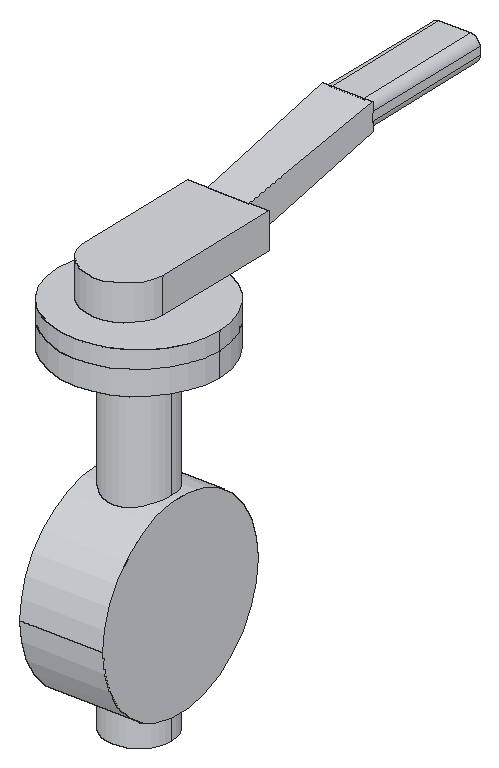
Revit family "HS497-67_disk-litina-s pákou DN065-RFA_2019", category Pipe Accessories, Revit 2019
Family settings
  Round Connector Dimension = Use Diameter
  Part Type = Valve - Breaks Into
  Work Plane-Based = No
  Always vertical = Yes
  Cut with Voids When Loaded = No
  Shared = No
Parameters (values of type "HS 497-67_DN065_PN16_s pákou")
  magiProductId = "ebeb4b59db0641caaf6d6635ab37b9"
  magiProductFamilyId = "53cea81e6f374d17b8841d9c72ad77"
  magiPartTypeId = 305
  isMeasuringValve [instance] = no
  ang2D [instance] = 0.00°
  X11 = 61.456 mm
  X1 = 25.456 mm
  W2D = 1000 mm
  VersionID = "2.0/2017.9.26.1/ZETKAMA_497_001"
  Use Minimum Symbol Size [instance] = yes
  URL = "http://www.hydronix.cz"
  Type Comments = "mezipřírubová; litinový disk; PN16; -10~+110°C (krátkodobě +120°C)"
  SW30 = no
  SW3 = no
  SW21 = no
  SW20 = yes
  SW2 = yes
  SW1 = no
  R = 32.5 mm
  QmdConnectorList = "301;D;302;D"
  Productdata [instance] = ""
  NC = 50 mm
  Model = ""
  Manufacturer = "Hydronix"  # constant formula
  MM20 = 25.456 mm
  MC Product Code = "120 065 (litinový disk, s pákou; DN65; PN16, kvs167)"
  M41 = 66 mm
  M4 = 44 mm
  LHL = 220 mm
  LHH3 = 2.45 mm
  LHH1 = 46.55 mm
  LH1 = 73.333 mm
  L4R__ve = -L4R  # -12.8 mm
  L4R = 12.8 mm
  L42__ve = -L42  # -96 mm
  L42 = 96 mm
  L41__ve = -L41  # -19.2 mm
  L41 = 19.2 mm
  L2D_Min = 3048 mm
  L2D = 216 mm
  L2 = 23 mm
  L1 = 36.8 mm
  L = 46 mm
  H = 30 mm
  G22 = 11.25 mm
  G2 = 22.5 mm
  G1 = 90 mm
  G = 90 mm
  F = 11 mm
  E44 = 31.25 mm
  E42 = 62.5 mm
  E4 = 125 mm
  E23 = 4.9 mm
  E22 = 19.6 mm
  E21 = 9.8 mm
  Description = "Mezipřírubová uzavírací klapka s pákou; litinový disk, DN65; PN16; kvs167"
  DR2 = 32.5 mm
  DR = 108 mm
  DD1 = 15.625 mm
  DD = 12.5 mm
  D = 65 mm
  CAT0 = yes
  B2__ve = -B2  # -36.5 mm
  B2 = 36.5 mm
  A2 = 13.5 mm
  A1 = 89 mm
Types (43, lengths in mm): name | magiProductId | X11 | X1 | Type Comments | SW30 | SW3 | SW20 | SW2 | SW1 | R | NC | MM20 | MC Product Code | M41 | M4 | LHL | LHH3 | LHH1 | LH1 | L4R__ve | L4R | L42__ve | L42 | L41__ve | L41 | L2 | L1 | L | H | G | F | E44 | E42 | E4 | E23 | E22 | E21 | Description | DR2 | DR | DD1 | DD | D | B2__ve | B2 | A2 | A1
  HS 497-67_DN100_PN16_volné vřeteno | "65d1b245f4f142c78569c0602d5754" | 61.456 | 25.456 | "mezipřírubová; litinový disk; PN16; -10~+110°C (krátkodobě +120°C)" | no | no | no | no | yes | 50 | 50 | 25.456 | "123 100 (litinový disk, s volným vřetenem; DN100; PN16, kvs512)" | 66 | 44 | 220 | 2.45 | 46.55 | 73.333 | -12.8 | 12.8 | -96 | 96 | -19.2 | 19.2 | 26 | 41.6 | 52 | 30 | 90 | 11 | 31.25 | 62.5 | 125 | 4.9 | 19.6 | 9.8 | "Mezipřírubová uzavírací klapka s volným vřetenem; litinový disk, DN100; PN16; kvs512" | 50 | 147 | 15.625 | 12.5 | 100 | -56 | 56 | 16.5 | 98.5
  HS 497-67_DN100_PN16_převodové kolo | "11e91b807e674d428c8e796fcdcfe2" | 61.456 | 25.456 | "mezipřírubová; litinový disk; PN16; -10~+110°C (krátkodobě +120°C)" | yes | yes | no | no | no | 50 | 50 | 25.456 | "125 100 (litinový disk, s převodovým kolem; DN100; PN16, kvs512)" | 65.25 | 43.5 | 220 | 2.45 | 46.55 | 73.333 | -12.8 | 12.8 | -96 | 96 | -19.2 | 19.2 | 26 | 41.6 | 52 | 30 | 90 | 11 | 31.25 | 62.5 | 125 | 4.9 | 19.6 | 9.8 | "Mezipřírubová uzavírací klapka s převodovým kolem; litinový disk, DN100; PN16; kvs512" | 50 | 147 | 15.625 | 12.5 | 100 | -56 | 56 | 16.5 | 98.5
  HS 497-67_DN100_PN16_s pákou | "28172f0b3f4b47b28323ac71cf8749" | 61.456 | 25.456 | "mezipřírubová; litinový disk; PN16; -10~+110°C (krátkodobě +120°C)" | no | no | yes | yes | no | 50 | 50 | 25.456 | "120 100 (litinový disk, s pákou; DN100; PN16, kvs512)" | 66 | 44 | 260 | 3 | 57 | 86.667 | -12.8 | 12.8 | -96 | 96 | -19.2 | 19.2 | 26 | 41.6 | 52 | 30 | 90 | 11 | 31.25 | 62.5 | 125 | 6 | 24 | 12 | "Mezipřírubová uzavírací klapka s pákou; litinový disk, DN100; PN16; kvs512" | 50 | 147 | 15.625 | 12.5 | 100 | -56 | 56 | 16.5 | 98.5
  HS 497-67_DN125_PN16_volné vřeteno | "0d813d910fc14f628bb3c2efbd185c" | 61.456 | 25.456 | "mezipřírubová; litinový disk; PN16; -10~+110°C (krátkodobě +120°C)" | no | no | no | no | yes | 62.5 | 50 | 25.456 | "123 125 (litinový disk, s volným vřetenem; DN125; PN16, kvs872)" | 66 | 44 | 220 | 2.45 | 46.55 | 73.333 | -12.8 | 12.8 | -96 | 96 | -19.2 | 19.2 | 28 | 44.8 | 56 | 33 | 90 | 14 | 31.25 | 62.5 | 125 | 4.9 | 19.6 | 9.8 | "Mezipřírubová uzavírací klapka s volným vřetenem; litinový disk, DN125; PN16; kvs872" | 62.5 | 180 | 15.625 | 12.5 | 125 | -64 | 64 | 18 | 99.5
  HS 497-67_DN125_PN16_převodové kolo | "c56b7c13f372467684996fb1e0e229" | 61.456 | 25.456 | "mezipřírubová; litinový disk; PN16; -10~+110°C (krátkodobě +120°C)" | yes | yes | no | no | no | 62.5 | 50 | 25.456 | "125 125 (litinový disk, s převodovým kolem; DN125; PN16, kvs872)" | 65.25 | 43.5 | 220 | 2.45 | 46.55 | 73.333 | -13.5 | 13.5 | -101.25 | 101.25 | -20.25 | 20.25 | 28 | 44.8 | 56 | 33 | 90 | 14 | 40 | 80 | 160 | 4.9 | 19.6 | 9.8 | "Mezipřírubová uzavírací klapka s převodovým kolem; litinový disk, DN125; PN16; kvs872" | 62.5 | 180 | 20 | 16 | 125 | -64 | 64 | 18 | 99.5
  HS 497-67_DN125_PN16_s pákou | "105993c79a91492399feef7931321a" | 61.456 | 25.456 | "mezipřírubová; litinový disk; PN16; -10~+110°C (krátkodobě +120°C)" | no | no | yes | yes | no | 62.5 | 50 | 25.456 | "120 125 (litinový disk, s pákou; DN125; PN16, kvs872)" | 66 | 44 | 315 | 3.75 | 71.25 | 105 | -12.8 | 12.8 | -96 | 96 | -19.2 | 19.2 | 28 | 44.8 | 56 | 33 | 90 | 14 | 31.25 | 62.5 | 125 | 7.5 | 30 | 15 | "Mezipřírubová uzavírací klapka s pákou; litinový disk, DN125; PN16; kvs872" | 62.5 | 180 | 15.625 | 12.5 | 125 | -64 | 64 | 18 | 99.5
  HS 497-67_DN150_PN16_volné vřeteno | "50c80cb8ab434f55ab7796e5ac1331" | 61.456 | 25.456 | "mezipřírubová; litinový disk; PN16; -10~+110°C (krátkodobě +120°C)" | no | no | no | no | yes | 75 | 50 | 25.456 | "123 150 (litinový disk, s volným vřetenem; DN150; PN16, kvs1347)" | 66 | 44 | 220 | 2.45 | 46.55 | 73.333 | -12.8 | 12.8 | -96 | 96 | -19.2 | 19.2 | 28 | 44.8 | 56 | 33 | 90 | 14 | 31.25 | 62.5 | 125 | 4.9 | 19.6 | 9.8 | "Mezipřírubová uzavírací klapka s volným vřetenem; litinový disk, DN150; PN16; kvs1347" | 75 | 206 | 15.625 | 12.5 | 150 | -58 | 58 | 19.3 | 98.7
  HS 497-67_DN150_PN16_převodové kolo | "d94a1a0cf83b476eb10011b327f709" | 61.456 | 25.456 | "mezipřírubová; litinový disk; PN16; -10~+110°C (krátkodobě +120°C)" | yes | yes | no | no | no | 75 | 50 | 25.456 | "125 150 (litinový disk, s převodovým kolem; DN150; PN16, kvs1347)" | 65.25 | 43.5 | 220 | 2.45 | 46.55 | 73.333 | -13.5 | 13.5 | -101.25 | 101.25 | -20.25 | 20.25 | 28 | 44.8 | 56 | 33 | 90 | 14 | 40 | 80 | 160 | 4.9 | 19.6 | 9.8 | "Mezipřírubová uzavírací klapka s převodovým kolem; litinový disk, DN150; PN16; kvs1347" | 75 | 206 | 20 | 16 | 150 | -58 | 58 | 19.3 | 98.7
  HS 497-67_DN150_PN16_s pákou | "4d2835523fe84828bc50ff0a5a0dfb" | 61.456 | 25.456 | "mezipřírubová; litinový disk; PN16; -10~+110°C (krátkodobě +120°C)" | no | no | yes | yes | no | 75 | 50 | 25.456 | "120 150 (litinový disk, s pákou; DN150; PN16, kvs1347)" | 66 | 44 | 315 | 3.75 | 71.25 | 105 | -12.8 | 12.8 | -96 | 96 | -19.2 | 19.2 | 28 | 44.8 | 56 | 33 | 90 | 14 | 31.25 | 62.5 | 125 | 7.5 | 30 | 15 | "Mezipřírubová uzavírací klapka s pákou; litinový disk, DN150; PN16; kvs1347" | 75 | 206 | 15.625 | 12.5 | 150 | -58 | 58 | 19.3 | 98.7
  HS 497-67_DN200_PN16_volné vřeteno | "5b29029eaeba47139ee1055a4b9201" | 61.456 | 25.456 | "mezipřírubová; litinový disk; PN16; -10~+110°C (krátkodobě +120°C)" | no | no | no | no | yes | 100 | 50 | 25.456 | "123 200 (litinový disk, s volným vřetenem; DN200; PN16, kvs2675)" | 66 | 44 | 220 | 2.45 | 46.55 | 73.333 | -12.8 | 12.8 | -96 | 96 | -19.2 | 19.2 | 30 | 48 | 60 | 33 | 90 | 17 | 31.25 | 62.5 | 125 | 4.9 | 19.6 | 9.8 | "Mezipřírubová uzavírací klapka s volným vřetenem; litinový disk, DN200; PN16; kvs2675" | 100 | 257 | 15.625 | 12.5 | 200 | -70 | 70 | 22.5 | 102.5
  HS 497-67_DN200_PN16_převodové kolo | "b2793cc1fcc44cf2a35062cd67c04f" | 61.456 | 25.456 | "mezipřírubová; litinový disk; PN16; -10~+110°C (krátkodobě +120°C)" | yes | yes | no | no | no | 100 | 57 | 25.456 | "125 200 (litinový disk, s převodovým kolem; DN200; PN16, kvs2675)" | 78.75 | 52.5 | 220 | 2.45 | 46.55 | 73.333 | -15.2 | 15.2 | -114 | 114 | -22.8 | 22.8 | 30 | 48 | 60 | 33 | 90 | 17 | 50 | 100 | 200 | 4.9 | 19.6 | 9.8 | "Mezipřírubová uzavírací klapka s převodovým kolem; litinový disk, DN200; PN16; kvs2675" | 100 | 257 | 25 | 20 | 200 | -70 | 70 | 22.5 | 102.5
  HS 497-67_DN200_PN16_s pákou | "f88d96c7af224537a51e72d7d8fffe" | 61.456 | 25.456 | "mezipřírubová; litinový disk; PN16; -10~+110°C (krátkodobě +120°C)" | no | no | yes | yes | no | 100 | 50 | 25.456 | "120 200 (litinový disk, s pákou; DN200; PN16, kvs2675)" | 66 | 44 | 315 | 3.75 | 71.25 | 105 | -12.8 | 12.8 | -96 | 96 | -19.2 | 19.2 | 30 | 48 | 60 | 33 | 90 | 17 | 31.25 | 62.5 | 125 | 7.5 | 30 | 15 | "Mezipřírubová uzavírací klapka s pákou; litinový disk, DN200; PN16; kvs2675" | 100 | 257 | 15.625 | 12.5 | 200 | -70 | 70 | 22.5 | 102.5
  HS 497-67_DN250_PN16_volné vřeteno | "b662e8305ca2402b9c510e66e6aa55" | 88.77 | 36.77 | "mezipřírubová; litinový disk; PN16; -10~+110°C (krátkodobě +120°C)" | no | no | no | no | yes | 125 | 50 | 36.77 | "123 250 (litinový disk, s volným vřetenem; DN250; PN16, kvs4555)" | 66 | 44 | 220 | 2.45 | 46.55 | 73.333 | -12.8 | 12.8 | -96 | 96 | -19.2 | 19.2 | 34 | 54.4 | 68 | 23 | 130 | 22 | 31.25 | 62.5 | 125 | 4.9 | 19.6 | 9.8 | "Mezipřírubová uzavírací klapka s volným vřetenem; litinový disk, DN250; PN16; kvs4555" | 125 | 324 | 15.625 | 12.5 | 250 | -85 | 85 | 28.25 | 129.25
  HS 497-67_DN250_PN16_převodové kolo | "5ee9016806664ddfaa2632711f295c" | 88.77 | 36.77 | "mezipřírubová; litinový disk; PN16; -10~+110°C (krátkodobě +120°C)" | yes | yes | no | no | no | 125 | 70 | 36.77 | "125 250 (litinový disk, s převodovým kolem; DN250; PN16, kvs4555)" | 91.5 | 61 | 220 | 2.45 | 46.55 | 73.333 | -22.2 | 22.2 | -166.5 | 166.5 | -33.3 | 33.3 | 34 | 54.4 | 68 | 23 | 130 | 22 | 62.5 | 125 | 250 | 4.9 | 19.6 | 9.8 | "Mezipřírubová uzavírací klapka s převodovým kolem; litinový disk, DN250; PN16; kvs4555" | 125 | 324 | 31.25 | 25 | 250 | -85 | 85 | 28.25 | 129.25
  HS 497-67_DN300_PN16_volné vřeteno | "e1886f51ff004380a649519258edf2" | 88.77 | 36.77 | "mezipřírubová; litinový disk; PN16; -10~+110°C (krátkodobě +120°C)" | no | no | no | no | yes | 150 | 50 | 36.77 | "123 300 (litinový disk, s volným vřetenem; DN300; PN16, kvs7037)" | 66 | 44 | 220 | 2.45 | 46.55 | 73.333 | -12.8 | 12.8 | -96 | 96 | -19.2 | 19.2 | 39 | 62.4 | 78 | 23 | 130 | 22 | 31.25 | 62.5 | 125 | 4.9 | 19.6 | 9.8 | "Mezipřírubová uzavírací klapka s volným vřetenem; litinový disk, DN300; PN16; kvs7037" | 150 | 376 | 15.625 | 12.5 | 300 | -90 | 90 | 30.8 | 127.2
  HS 497-67_DN300_PN16_převodové kolo | "6860f094f77d42088fbebc3c97f755" | 88.77 | 36.77 | "mezipřírubová; litinový disk; PN16; -10~+110°C (krátkodobě +120°C)" | yes | yes | no | no | no | 150 | 70 | 36.77 | "125 300 (litinový disk, s převodovým kolem; DN300; PN16, kvs7037)" | 91.5 | 61 | 220 | 2.45 | 46.55 | 73.333 | -22.2 | 22.2 | -166.5 | 166.5 | -33.3 | 33.3 | 39 | 62.4 | 78 | 23 | 130 | 22 | 62.5 | 125 | 250 | 4.9 | 19.6 | 9.8 | "Mezipřírubová uzavírací klapka s převodovým kolem; litinový disk, DN300; PN16; kvs7037" | 150 | 376 | 31.25 | 25 | 300 | -90 | 90 | 30.8 | 127.2
  HS 497-67_DN032_PN16_volné vřeteno | "8c5f65de52aa4067a77564107e31b2" | 61.456 | 25.456 | "mezipřírubová; litinový disk; PN16; -10~+110°C (krátkodobě +120°C)" | no | no | no | no | yes | 16 | 50 | 25.456 | "123 032 (litinový disk, s volným vřetenem; DN32; PN16, kvs78)" | 66 | 44 | 220 | 2.45 | 46.55 | 73.333 | -12.8 | 12.8 | -96 | 96 | -19.2 | 19.2 | 16.5 | 26.4 | 33 | 30 | 90 | 11 | 31.25 | 62.5 | 125 | 4.9 | 19.6 | 9.8 | "Mezipřírubová uzavírací klapka s volným vřetenem; litinový disk, DN32; PN16; kvs78" | 16 | 68 | 15.625 | 12.5 | 32 | -44.2 | 44.2 | 10.25 | 76.25
  HS 497-67_DN032_PN16_převodové kolo | "60aaeffa8b3a4e809ef000e4660060" | 61.456 | 25.456 | "mezipřírubová; litinový disk; PN16; -10~+110°C (krátkodobě +120°C)" | yes | yes | no | no | no | 16 | 50 | 25.456 | "125 032 (litinový disk, s převodovým kolem; DN32; PN16, kvs78)" | 65.25 | 43.5 | 220 | 2.45 | 46.55 | 73.333 | -12.8 | 12.8 | -96 | 96 | -19.2 | 19.2 | 16.5 | 26.4 | 33 | 30 | 90 | 11 | 31.25 | 62.5 | 125 | 4.9 | 19.6 | 9.8 | "Mezipřírubová uzavírací klapka s převodovým kolem; litinový disk, DN32; PN16; kvs78" | 16 | 68 | 15.625 | 12.5 | 32 | -44.2 | 44.2 | 10.25 | 76.25
  HS 497-67_DN032_PN16_s pákou | "9ad8088d610749a1b871aa2aad8007" | 61.456 | 25.456 | "mezipřírubová; litinový disk; PN16; -10~+110°C (krátkodobě +120°C)" | no | no | yes | yes | no | 16 | 50 | 25.456 | "120 032 (litinový disk, s pákou; DN32; PN16, kvs78)" | 66 | 44 | 220 | 2.45 | 46.55 | 73.333 | -12.8 | 12.8 | -96 | 96 | -19.2 | 19.2 | 16.5 | 26.4 | 33 | 30 | 90 | 11 | 31.25 | 62.5 | 125 | 4.9 | 19.6 | 9.8 | "Mezipřírubová uzavírací klapka s pákou; litinový disk, DN32; PN16; kvs78" | 16 | 68 | 15.625 | 12.5 | 32 | -44.2 | 44.2 | 10.25 | 76.25
  HS 497-67_DN350_PN10_volné vřeteno | "72a1e05f22944421b7e9596a877137" | 109.255 | 45.255 | "mezipřírubová; litinový disk; PN10; -10~+110°C (krátkodobě +120°C)" | no | no | no | no | yes | 175 | 50 | 45.255 | "123 350 (litinový disk, s volným vřetenem; DN350; PN10, kvs10165)" | 66 | 44 | 220 | 2.45 | 46.55 | 73.333 | -12.8 | 12.8 | -96 | 96 | -19.2 | 19.2 | 39 | 62.4 | 78 | 31 | 160 | 22 | 31.25 | 62.5 | 125 | 4.9 | 19.6 | 9.8 | "Mezipřírubová uzavírací klapka s volným vřetenem; litinový disk, DN350; PN10; kvs10165" | 175 | 430 | 15.625 | 12.5 | 350 | -88 | 88 | 33.85 | 129.65
  HS 497-67_DN350_PN10_převodové kolo | "a5a01426cb28494ba3afca92f1dace" | 109.255 | 45.255 | "mezipřírubová; litinový disk; PN10; -10~+110°C (krátkodobě +120°C)" | yes | yes | no | no | no | 175 | 70 | 45.255 | "125 350 (litinový disk, s převodovým kolem; DN350; PN10, kvs10165)" | 91.5 | 61 | 220 | 2.45 | 46.55 | 73.333 | -22.2 | 22.2 | -166.5 | 166.5 | -33.3 | 33.3 | 39 | 62.4 | 78 | 31 | 160 | 22 | 62.5 | 125 | 250 | 4.9 | 19.6 | 9.8 | "Mezipřírubová uzavírací klapka s převodovým kolem; litinový disk, DN350; PN10; kvs10165" | 175 | 430 | 31.25 | 25 | 350 | -88 | 88 | 33.85 | 129.65
  HS 497-67_DN400_PN10_volné vřeteno | "c70ebeb927c04ab99b176e257ad0a7" | 109.255 | 45.255 | "mezipřírubová; litinový disk; PN10; -10~+110°C (krátkodobě +120°C)" | no | no | no | no | yes | 200 | 50 | 45.255 | "123 400 (litinový disk, s volným vřetenem; DN400; PN10, kvs13799)" | 66 | 44 | 220 | 2.45 | 46.55 | 73.333 | -12.8 | 12.8 | -96 | 96 | -19.2 | 19.2 | 51 | 81.6 | 102 | 31 | 160 | 27 | 31.25 | 62.5 | 125 | 4.9 | 19.6 | 9.8 | "Mezipřírubová uzavírací klapka s volným vřetenem; litinový disk, DN400; PN10; kvs13799" | 200 | 485 | 15.625 | 12.5 | 400 | -108 | 108 | 38 | 142
  HS 497-67_DN400_PN10_převodové kolo | "cc64a4384dcb41b780d81810f4f293" | 109.255 | 45.255 | "mezipřírubová; litinový disk; PN10; -10~+110°C (krátkodobě +120°C)" | yes | yes | no | no | no | 200 | 72.5 | 45.255 | "125 400 (litinový disk, s převodovým kolem; DN400; PN10, kvs13799)" | 103.5 | 69 | 220 | 2.45 | 46.55 | 73.333 | -27.8 | 27.8 | -208.5 | 208.5 | -41.7 | 41.7 | 51 | 81.6 | 102 | 31 | 160 | 27 | 75 | 150 | 300 | 4.9 | 19.6 | 9.8 | "Mezipřírubová uzavírací klapka s převodovým kolem; litinový disk, DN400; PN10; kvs13799" | 200 | 485 | 37.5 | 30 | 400 | -108 | 108 | 38 | 142
  HS 497-67_DN040_PN16_volné vřeteno | "35f92312390745e88df5b5c325d9ee" | 61.456 | 25.456 | "mezipřírubová; litinový disk; PN16; -10~+110°C (krátkodobě +120°C)" | no | no | no | no | yes | 20 | 50 | 25.456 | "123 040 (litinový disk, s volným vřetenem; DN40; PN16, kvs78)" | 66 | 44 | 220 | 2.45 | 46.55 | 73.333 | -12.8 | 12.8 | -96 | 96 | -19.2 | 19.2 | 16.5 | 26.4 | 33 | 30 | 90 | 11 | 31.25 | 62.5 | 125 | 4.9 | 19.6 | 9.8 | "Mezipřírubová uzavírací klapka s volným vřetenem; litinový disk, DN40; PN16; kvs78" | 20 | 76 | 15.625 | 12.5 | 40 | -36 | 36 | 11 | 79
  HS 497-67_DN040_PN16_převodové kolo | "d88e968eae3445bc9b7b4e6ff35127" | 61.456 | 25.456 | "mezipřírubová; litinový disk; PN16; -10~+110°C (krátkodobě +120°C)" | yes | yes | no | no | no | 20 | 50 | 25.456 | "125 040 (litinový disk, s převodovým kolem; DN40; PN16, kvs78)" | 65.25 | 43.5 | 220 | 2.45 | 46.55 | 73.333 | -12.8 | 12.8 | -96 | 96 | -19.2 | 19.2 | 16.5 | 26.4 | 33 | 30 | 90 | 11 | 31.25 | 62.5 | 125 | 4.9 | 19.6 | 9.8 | "Mezipřírubová uzavírací klapka s převodovým kolem; litinový disk, DN40; PN16; kvs78" | 20 | 76 | 15.625 | 12.5 | 40 | -36 | 36 | 11 | 79
  HS 497-67_DN040_PN16_s pákou | "c1b522ca65b4407a98818f232eaacb" | 61.456 | 25.456 | "mezipřírubová; litinový disk; PN16; -10~+110°C (krátkodobě +120°C)" | no | no | yes | yes | no | 20 | 50 | 25.456 | "120 040 (litinový disk, s pákou; DN40; PN16, kvs78)" | 66 | 44 | 220 | 2.45 | 46.55 | 73.333 | -12.8 | 12.8 | -96 | 96 | -19.2 | 19.2 | 16.5 | 26.4 | 33 | 30 | 90 | 11 | 31.25 | 62.5 | 125 | 4.9 | 19.6 | 9.8 | "Mezipřírubová uzavírací klapka s pákou; litinový disk, DN40; PN16; kvs78" | 20 | 76 | 15.625 | 12.5 | 40 | -36 | 36 | 11 | 79
  HS 497-67_DN450_PN10_volné vřeteno | "a8358bc282f14872b3194e530e590a" | 129.74 | 53.74 | "mezipřírubová; litinový disk; PN10; -10~+110°C (krátkodobě +120°C)" | no | no | no | no | yes | 225 | 50 | 53.74 | "123 450 (litinový disk, s volným vřetenem; DN450; PN10, kvs18514)" | 66 | 44 | 220 | 2.45 | 46.55 | 73.333 | -12.8 | 12.8 | -96 | 96 | -19.2 | 19.2 | 57 | 91.2 | 114 | 38 | 190 | 36 | 31.25 | 62.5 | 125 | 4.9 | 19.6 | 9.8 | "Mezipřírubová uzavírací klapka s volným vřetenem; litinový disk, DN450; PN10; kvs18514" | 225 | 536 | 15.625 | 12.5 | 450 | -115 | 115 | 38.05 | 117.45
  HS 497-67_DN450_PN10_převodové kolo | "cdf2d80f54a9414f9cbe50647c0ebd" | 129.74 | 53.74 | "mezipřírubová; litinový disk; PN10; -10~+110°C (krátkodobě +120°C)" | yes | yes | no | no | no | 225 | 91.5 | 53.74 | "125 450 (litinový disk, s převodovým kolem; DN450; PN10, kvs18514)" | 144.75 | 96.5 | 220 | 2.45 | 46.55 | 73.333 | -32.1 | 32.1 | -240.75 | 240.75 | -48.15 | 48.15 | 57 | 91.2 | 114 | 38 | 190 | 36 | 100 | 200 | 400 | 4.9 | 19.6 | 9.8 | "Mezipřírubová uzavírací klapka s převodovým kolem; litinový disk, DN450; PN10; kvs18514" | 225 | 536 | 50 | 40 | 450 | -115 | 115 | 38.05 | 117.45
  HS 497-67_DN500_PN10_volné vřeteno | "8c396e27bb2743f98f3c762b6517cd" | 143.397 | 59.397 | "mezipřírubová; litinový disk; PN10; -10~+110°C (krátkodobě +120°C)" | no | no | no | no | yes | 250 | 50 | 59.397 | "123 500 (litinový disk, s volným vřetenem; DN500; PN10, kvs23805)" | 66 | 44 | 220 | 2.45 | 46.55 | 73.333 | -12.8 | 12.8 | -96 | 96 | -19.2 | 19.2 | 63.5 | 101.6 | 127 | 38 | 210 | 36 | 31.25 | 62.5 | 125 | 4.9 | 19.6 | 9.8 | "Mezipřírubová uzavírací klapka s volným vřetenem; litinový disk, DN500; PN10; kvs23805" | 250 | 593 | 15.625 | 12.5 | 500 | -130 | 130 | 43.25 | 139.25
  HS 497-67_DN500_PN10_převodové kolo | "7647804f32e94cef828a7034a91a46" | 143.397 | 59.397 | "mezipřírubová; litinový disk; PN10; -10~+110°C (krátkodobě +120°C)" | yes | yes | no | no | no | 250 | 91.5 | 59.397 | "125 500 (litinový disk, s převodovým kolem; DN500; PN10, kvs23805)" | 144.75 | 96.5 | 220 | 2.45 | 46.55 | 73.333 | -32.1 | 32.1 | -240.75 | 240.75 | -48.15 | 48.15 | 63.5 | 101.6 | 127 | 38 | 210 | 36 | 100 | 200 | 400 | 4.9 | 19.6 | 9.8 | "Mezipřírubová uzavírací klapka s převodovým kolem; litinový disk, DN500; PN10; kvs23805" | 250 | 593 | 50 | 40 | 500 | -130 | 130 | 43.25 | 139.25
  HS 497-67_DN050_PN16_volné vřeteno | "d71f296ecd6d4adf8f6e5d9853b4e0" | 61.456 | 25.456 | "mezipřírubová; litinový disk; PN16; -10~+110°C (krátkodobě +120°C)" | no | no | no | no | yes | 25 | 50 | 25.456 | "123 050 (litinový disk, s volným vřetenem; DN50; PN16, kvs98)" | 66 | 44 | 220 | 2.45 | 46.55 | 73.333 | -12.8 | 12.8 | -96 | 96 | -19.2 | 19.2 | 21.5 | 34.4 | 43 | 30 | 90 | 11 | 31.25 | 62.5 | 125 | 4.9 | 19.6 | 9.8 | "Mezipřírubová uzavírací klapka s volným vřetenem; litinový disk, DN50; PN16; kvs98" | 25 | 100 | 15.625 | 12.5 | 50 | -36.5 | 36.5 | 12 | 83
  HS 497-67_DN050_PN16_převodové kolo | "2fb080deeaed49c58418b94c1da5a4" | 61.456 | 25.456 | "mezipřírubová; litinový disk; PN16; -10~+110°C (krátkodobě +120°C)" | yes | yes | no | no | no | 25 | 50 | 25.456 | "125 050 (litinový disk, s převodovým kolem; DN50; PN16, kvs98)" | 65.25 | 43.5 | 220 | 2.45 | 46.55 | 73.333 | -12.8 | 12.8 | -96 | 96 | -19.2 | 19.2 | 21.5 | 34.4 | 43 | 30 | 90 | 11 | 31.25 | 62.5 | 125 | 4.9 | 19.6 | 9.8 | "Mezipřírubová uzavírací klapka s převodovým kolem; litinový disk, DN50; PN16; kvs98" | 25 | 100 | 15.625 | 12.5 | 50 | -36.5 | 36.5 | 12 | 83
  HS 497-67_DN050_PN16_s pákou | "dabc632061f94877a994b9b4e68112" | 61.456 | 25.456 | "mezipřírubová; litinový disk; PN16; -10~+110°C (krátkodobě +120°C)" | no | no | yes | yes | no | 25 | 50 | 25.456 | "120 050 (litinový disk, s pákou; DN50; PN16, kvs98)" | 66 | 44 | 220 | 2.45 | 46.55 | 73.333 | -12.8 | 12.8 | -96 | 96 | -19.2 | 19.2 | 21.5 | 34.4 | 43 | 30 | 90 | 11 | 31.25 | 62.5 | 125 | 4.9 | 19.6 | 9.8 | "Mezipřírubová uzavírací klapka s pákou; litinový disk, DN50; PN16; kvs98" | 25 | 100 | 15.625 | 12.5 | 50 | -36.5 | 36.5 | 12 | 83
  HS 497-67_DN600_PN10_volné vřeteno | "99d5892c14664fce81a7c5903f7711" | 143.397 | 59.397 | "mezipřírubová; litinový disk; PN10; -10~+110°C (krátkodobě +120°C)" | no | no | no | no | yes | 300 | 50 | 59.397 | "123 600 (litinový disk, s volným vřetenem; DN600; PN10, kvs36778)" | 66 | 44 | 220 | 2.45 | 46.55 | 73.333 | -12.8 | 12.8 | -96 | 96 | -19.2 | 19.2 | 77 | 123.2 | 154 | 80 | 210 | 60 | 31.25 | 62.5 | 125 | 4.9 | 19.6 | 9.8 | "Mezipřírubová uzavírací klapka s volným vřetenem; litinový disk, DN600; PN10; kvs36788" | 300 | 690 | 15.625 | 12.5 | 600 | -140 | 140 | 49.4 | 144.6
  HS 497-67_DN600_PN10_převodové kolo | "b1e26faab48a4c499f6bb11e7e3002" | 143.397 | 59.397 | "mezipřírubová; litinový disk; PN10; -10~+110°C (krátkodobě +120°C)" | yes | yes | no | no | no | 300 | 140 | 59.397 | "125 600 (litinový disk, s převodovým kolem; DN600; PN10, kvs36778)" | 206.25 | 137.5 | 220 | 2.45 | 46.55 | 73.333 | -40.8 | 40.8 | -306 | 306 | -61.2 | 61.2 | 77 | 123.2 | 154 | 80 | 210 | 60 | 125 | 250 | 500 | 4.9 | 19.6 | 9.8 | "Mezipřírubová uzavírací klapka s převodovým kolem; litinový disk, DN600; PN10; kvs36788" | 300 | 690 | 62.5 | 50 | 600 | -140 | 140 | 49.4 | 144.6
  HS 497-67_DN065_PN16_volné vřeteno | "5e5e208646e34ec29f889baab5d08e" | 61.456 | 25.456 | "mezipřírubová; litinový disk; PN16; -10~+110°C (krátkodobě +120°C)" | no | no | no | no | yes | 32.5 | 50 | 25.456 | "123 065 (litinový disk, s volným vřetenem; DN65; PN16, kvs167)" | 66 | 44 | 220 | 2.45 | 46.55 | 73.333 | -12.8 | 12.8 | -96 | 96 | -19.2 | 19.2 | 23 | 36.8 | 46 | 30 | 90 | 11 | 31.25 | 62.5 | 125 | 4.9 | 19.6 | 9.8 | "Mezipřírubová uzavírací klapka s volným vřetenem; litinový disk, DN65; PN16; kv167" | 32.5 | 108 | 15.625 | 12.5 | 65 | -36.5 | 36.5 | 13.5 | 89
  HS 497-67_DN065_PN16_převodové kolo | "654d74c8d15540b0bfe523d988ccb3" | 61.456 | 25.456 | "mezipřírubová; litinový disk; PN16; -10~+110°C (krátkodobě +120°C)" | yes | yes | no | no | no | 32.5 | 50 | 25.456 | "125 065 (litinový disk, s převodovým kolem; DN65; PN16, kvs167)" | 65.25 | 43.5 | 220 | 2.45 | 46.55 | 73.333 | -12.8 | 12.8 | -96 | 96 | -19.2 | 19.2 | 23 | 36.8 | 46 | 30 | 90 | 11 | 31.25 | 62.5 | 125 | 4.9 | 19.6 | 9.8 | "Mezipřírubová uzavírací klapka s převodovým kolem; litinový disk, DN65; PN16; kvs167" | 32.5 | 108 | 15.625 | 12.5 | 65 | -36.5 | 36.5 | 13.5 | 89
  HS 497-67_DN065_PN16_s pákou | "ebeb4b59db0641caaf6d6635ab37b9" | 61.456 | 25.456 | "mezipřírubová; litinový disk; PN16; -10~+110°C (krátkodobě +120°C)" | no | no | yes | yes | no | 32.5 | 50 | 25.456 | "120 065 (litinový disk, s pákou; DN65; PN16, kvs167)" | 66 | 44 | 220 | 2.45 | 46.55 | 73.333 | -12.8 | 12.8 | -96 | 96 | -19.2 | 19.2 | 23 | 36.8 | 46 | 30 | 90 | 11 | 31.25 | 62.5 | 125 | 4.9 | 19.6 | 9.8 | "Mezipřírubová uzavírací klapka s pákou; litinový disk, DN65; PN16; kvs167" | 32.5 | 108 | 15.625 | 12.5 | 65 | -36.5 | 36.5 | 13.5 | 89
  HS 497-67_DN080_PN16_volné vřeteno | "9e85c75c18654e1185a9c48ed6b00e" | 61.456 | 25.456 | "mezipřírubová; litinový disk; PN16; -10~+110°C (krátkodobě +120°C)" | no | no | no | no | yes | 40 | 50 | 25.456 | "123 080 (litinový disk, s volným vřetenem; DN80; PN16, kvs258)" | 66 | 44 | 220 | 2.45 | 46.55 | 73.333 | -12.8 | 12.8 | -96 | 96 | -19.2 | 19.2 | 23 | 36.8 | 46 | 30 | 90 | 11 | 31.25 | 62.5 | 125 | 4.9 | 19.6 | 9.8 | "Mezipřírubová uzavírací klapka s volným vřetenem; litinový disk, DN80; PN16; kvs258" | 40 | 124 | 15.625 | 12.5 | 80 | -54 | 54 | 14.1 | 86.9
  HS 497-67_DN080_PN16_převodové kolo | "5b3c8238c3d041e68c75b199e7ea46" | 61.456 | 25.456 | "mezipřírubová; litinový disk; PN16; -10~+110°C (krátkodobě +120°C)" | yes | yes | no | no | no | 40 | 50 | 25.456 | "125 080 (litinový disk, s převodovým kolem; DN80; PN16, kvs258)" | 65.25 | 43.5 | 220 | 2.45 | 46.55 | 73.333 | -12.8 | 12.8 | -96 | 96 | -19.2 | 19.2 | 23 | 36.8 | 46 | 30 | 90 | 11 | 31.25 | 62.5 | 125 | 4.9 | 19.6 | 9.8 | "Mezipřírubová uzavírací klapka s převodovým kolem; litinový disk, DN80; PN16; kvs258" | 40 | 124 | 15.625 | 12.5 | 80 | -54 | 54 | 14.1 | 86.9
  HS 497-67_DN080_PN16_s pákou | "e414795fab0f4eccb99bc3572c5477" | 61.456 | 25.456 | "mezipřírubová; litinový disk; PN16; -10~+110°C (krátkodobě +120°C)" | no | no | yes | yes | no | 40 | 50 | 25.456 | "120 080 (litinový disk, s pákou; DN80; PN16, kvs258)" | 66 | 44 | 260 | 3 | 57 | 86.667 | -12.8 | 12.8 | -96 | 96 | -19.2 | 19.2 | 23 | 36.8 | 46 | 30 | 90 | 11 | 31.25 | 62.5 | 125 | 6 | 24 | 12 | "Mezipřírubová uzavírací klapka s pákou; litinový disk, DN80; PN16; kvs258" | 40 | 124 | 15.625 | 12.5 | 80 | -54 | 54 | 14.1 | 86.9
  HS 497-67_DN250_PN16_s pákou | "" | 88.77 | 36.77 | "mezipřírubová; litinový disk; PN16; -10~+110°C (krátkodobě +120°C)" | no | no | yes | yes | no | 125 | 70 | 36.77 | "120 250 (litinový disk, s pákou; DN250; PN16, kvs4555)" | 91.5 | 61 | 220 | 2.45 | 46.55 | 73.333 | -22.2 | 22.2 | -166.5 | 166.5 | -33.3 | 33.3 | 34 | 54.4 | 68 | 23 | 130 | 22 | 62.5 | 125 | 250 | 4.9 | 19.6 | 9.8 | "Mezipřírubová uzavírací klapka s pákou; litinový disk, DN250; PN16; kvs4555" | 125 | 324 | 31.25 | 25 | 250 | -85 | 85 | 28.25 | 129.25
  HS 497-67_DN300_PN16_s pákou | "" | 88.77 | 36.77 | "mezipřírubová; litinový disk; PN16; -10~+110°C (krátkodobě +120°C)" | no | no | yes | yes | no | 150 | 70 | 36.77 | "120 300 (litinový disk, s pákou; DN300; PN16, kvs7037)" | 91.5 | 61 | 220 | 2.45 | 46.55 | 73.333 | -22.2 | 22.2 | -166.5 | 166.5 | -33.3 | 33.3 | 39 | 62.4 | 78 | 23 | 130 | 22 | 62.5 | 125 | 250 | 4.9 | 19.6 | 9.8 | "Mezipřírubová uzavírací klapka s pákou; litinový disk, DN300; PN16; kvs7037" | 150 | 376 | 31.25 | 25 | 300 | -90 | 90 | 30.8 | 127.2
Reference planes
  plane 1 "Center (Front/Back)": y = 0
  plane 2 "XYPLANE": z = 0
  plane 3 "Center (Left/Right)": x = 0
  plane 4 "473": x = -25.456
  plane 5 "472": x = -66
  plane 6 "471": y = -25.456
  plane 7 "470": y = 25.456
  plane 8 "469": x = -44
  plane 9 "468": y = -115.2
  plane 10 "467": y = -96
  plane 11 "466": z = 166.25
  plane 12 "465": z = 181.55
  plane 13 "464": y = 145.417
  plane 14 "463": z = 171.75
  plane 15 "462": z = 154.6
  plane 16 "461": z = 164.4
  plane 17 "460": y = 72.083
  plane 18 "459": x = -11.25
  plane 19 "458": x = 11.25
  plane 20 "457": y = -6.25
  plane 21 "456": x = -17.5
  plane 22 "455": x = 17.5
  plane 23 "454": z = 169.3
  plane 24 "453": y = 62.083
  plane 25 "452": y = -11.25
  plane 26 "451": x = -22.5
  plane 27 "450": x = 22.5
  plane 28 "449": z = 149.7
  plane 29 "448": z = 144.8
  plane 30 "447": z = -32.5
  plane 31 "446": z = 135
  plane 32 "445": z = 121.5
  plane 33 "444": z = 32.5
  plane 34 "443": x = 23
  plane 35 "442": x = -23
  plane 36 "441": z = 0
  plane 37 "440": y = 0
  plane 38 "439": x = 0
  plane 39 "438": z = 184
  plane 40 "437": z = 169.3
  plane 41 "436": x = 13.7
  plane 42 "435": x = -13.7
  plane 43 "434": y = 220
Forms (mm)
  Extrusion 1, solid, visible <- "SW3"
    sketch origin (-750, 0, 135) x (1, 0, 0) y (0, 1, 0)
      loop
        line (684, 25.456) -> (684, -25.456) -> (724.544, -25.456)
        arc (724.544, -25.456) -> (786, 0) -> (724.544, 25.456) r 36
        line (724.544, 25.456) -> (684, 25.456)
    from 0 to 62.5 <- "E42"
  Extrusion 2, solid, visible <- "SW30"
    sketch origin (0, -750, 0) x (0, 1, 0) y (0, 0, 1)
      loop
        circle (750, 166.25) r 7.813
    from 0 to 50 <- "NC"
  Extrusion 3, solid, visible <- "SW30"
    sketch origin (750, -115.2, 0) x (-1, 0, 0) y (0, 0, 1)
      loop
        circle (794, 166.25) r 62.5
    from 0 to -12.8 <- "L4R__ve"
  Extrusion 4, solid, visible <- "SW3"
    sketch origin (750, -96, 0) x (-1, 0, 0) y (0, 0, 1)
      loop
        circle (794, 166.25) r 7.813
    from 0 to -19.2 <- "L41__ve"
  Extrusion 5, solid, visible <- "SW30"
    sketch origin (750, 0, 0) x (-1, 0, 0) y (0, 0, 1)
      loop
        circle (794, 166.25) r 6.25
    from 0 to -96 <- "L42__ve"
  Blend 6, solid, visible <- "SW21"
    base sketch origin (750, 72.083, 0) x (-1, 0, 0) y (0, 0, 1)
      loop
        line (761.25, 164.4) -> (738.75, 164.4) -> (738.75, 154.6) -> (761.25, 154.6) -> (761.25, 164.4)
    top sketch origin (750, 72.083, 0) x (-1, 0, 0) y (0, 0, 1)
      loop
        line (761.25, 181.55) -> (738.75, 181.55) -> (738.75, 171.75) -> (761.25, 171.75) -> (761.25, 181.55)
    from 0 to 73.333
  Blend 7, solid, visible <- "SW21"
    base sketch origin (750, 62.083, 0) x (-1, 0, 0) y (0, 0, 1)
      loop
        line (761.25, 169.3) -> (738.75, 169.3) -> (738.75, 149.7) -> (761.25, 149.7) -> (761.25, 169.3)
    top sketch origin (750, 62.083, 0) x (-1, 0, 0) y (0, 0, 1)
      loop
        line (761.25, 164.4) -> (738.75, 164.4) -> (738.75, 154.6) -> (761.25, 154.6) -> (761.25, 164.4)
    from 0 to 10
  Blend 8, solid, visible <- "SW21"
    base sketch origin (-750, 0, 149.7) x (1, 0, 0) y (0, 1, 0)
      loop
        line (772.5, 62.083) -> (727.5, 62.083) -> (727.5, -11.25)
        arc (727.5, -11.25) -> (750, -31.25) -> (772.5, -11.25) r 22.656
        line (772.5, -11.25) -> (772.5, 62.083)
    top sketch origin (-750, 0, 149.7) x (1, 0, 0) y (0, 1, 0)
      loop
        line (767.5, 62.083) -> (732.5, 62.083) -> (732.5, -6.25)
        arc (732.5, -6.25) -> (750, -26.25) -> (767.5, -6.25) r 17.656
        line (767.5, -6.25) -> (767.5, 62.083)
    from 0 to 19.6
  Extrusion 9, solid, visible <- "SW2"
    sketch origin (-750, 0, 144.8) x (1, 0, 0) y (0, 1, 0)
      loop
        circle (750, 0) r 11.25
    from 0 to 4.9 <- "E23"
  Extrusion 10, solid, visible <- "SW2"
    sketch origin (-750, 0, 135) x (1, 0, 0) y (0, 1, 0)
      loop
        circle (750, 0) r 45
    from 0 to 9.8 <- "E21"
  Extrusion 11, solid, visible <- "CAT0"
    sketch origin (-750, 0, -32.5) x (1, 0, 0) y (0, 1, 0)
      loop
        circle (750, 0) r 18.4
    from 0 to -36.5 <- "B2__ve"
  Extrusion 12, solid, visible <- "CAT0"
    sketch origin (-750, 0, 121.5) x (1, 0, 0) y (0, 1, 0)
      loop
        circle (750, 0) r 45
    from 0 to 13.5 <- "A2"
  Extrusion 13, solid, visible <- "CAT0"
    sketch origin (-750, 0, 32.5) x (1, 0, 0) y (0, 1, 0)
      loop
        circle (750, 0) r 18.4
    from 0 to 89 <- "A1"
  Extrusion 14, solid, visible <- "CAT0"
    sketch origin (-23, -750, 0) x (0, 1, 0) y (0, 0, 1)
      loop
        circle (750, 0) r 54
    from 0 to 46 <- "L"
  Extrusion 15, solid, visible <- "SW1"
    sketch origin (-750, 0, 135) x (1, 0, 0) y (0, 1, 0)
      loop
        line (755.5, 5.5) -> (744.5, 5.5) -> (744.5, -5.5) -> (755.5, -5.5) -> (755.5, 5.5)
    from 0 to 30 <- "H"
  Blend 16, solid, visible <- "SW2"
    base sketch origin (750, 145.417, 0) x (-1, 0, 0) y (0, 0, 1)
      loop
        arc (763.7, 179) -> (762.236, 182.536) -> (758.7, 184) r 5
        line (758.7, 184) -> (741.3, 184)
        arc (741.3, 184) -> (737.764, 182.536) -> (736.3, 179) r 5
        line (736.3, 179) -> (736.3, 174.3)
        arc (736.3, 174.3) -> (737.764, 170.764) -> (741.3, 169.3) r 5
        line (741.3, 169.3) -> (758.7, 169.3)
        arc (758.7, 169.3) -> (762.236, 170.764) -> (763.7, 174.3) r 5
        line (763.7, 174.3) -> (763.7, 179)
    top sketch origin (750, 145.417, 0) x (-1, 0, 0) y (0, 0, 1)
      loop
        arc (763.7, 179) -> (762.236, 182.536) -> (758.7, 184) r 5
        line (758.7, 184) -> (741.3, 184)
        arc (741.3, 184) -> (737.764, 182.536) -> (736.3, 179) r 5
        line (736.3, 179) -> (736.3, 174.3)
        arc (736.3, 174.3) -> (737.764, 170.764) -> (741.3, 169.3) r 5
        line (741.3, 169.3) -> (758.7, 169.3)
        arc (758.7, 169.3) -> (762.236, 170.764) -> (763.7, 174.3) r 5
        line (763.7, 174.3) -> (763.7, 179)
    from 0 to 74.583
  Blend 17, solid, visible <- "SW20"
    base sketch origin (750, 145.417, 0) x (-1, 0, 0) y (0, 0, 1)
      loop
        line (763.7, 184) -> (736.3, 184) -> (736.3, 169.3) -> (763.7, 169.3) -> (763.7, 184)
    top sketch origin (750, 145.417, 0) x (-1, 0, 0) y (0, 0, 1)
      loop
        line (761.25, 169.3) -> (738.75, 169.3) -> (738.75, 149.7) -> (761.25, 149.7) -> (761.25, 169.3)
    from 0 to -83.333
  Extrusion 18, solid, visible <- "SW20"
    sketch origin (-750, 0, 149.7) x (1, 0, 0) y (0, 1, 0)
      loop
        line (772.5, 62.083) -> (727.5, 62.083) -> (727.5, -11.25)
        arc (727.5, -11.25) -> (750, -31.25) -> (772.5, -11.25) r 22.656
        line (772.5, -11.25) -> (772.5, 62.083)
    from 0 to 19.6 <- "E22"
  Extrusion 19, solid, not visible
    sketch origin (-23, -750, 0) x (0, 1, 0) y (0, 0, 1)
      loop
        circle (750, 0) r 10
    from 0 to 10
  Extrusion 20, solid, not visible
    sketch origin (23, -750, 0) x (0, 1, 0) y (0, 0, 1)
      loop
        circle (750, 0) r 10
    from 0 to -10
Lines and regions (mm)
  reference lines, not visible
    curve 1: circle (2, 2, 0) r 1 normal (0, 0, 1)
  reference lines
    curve 2: line (-25.456, -25.456, 135) -> (-25.456, 25.456, 135)
    curve 3: line (-17.5, -6.25, 149.7) -> (17.5, -6.25, 149.7)
    curve 4: line (-22.5, -11.25, 149.7) -> (22.5, -11.25, 149.7)
    curve 5: circle (0, 0, 135) r 1 normal (0, 0, 1)
    curve 6: line (-22.5, -11.25, 149.7) -> (22.5, -11.25, 149.7)
Dimensions and locks
  plane 1 "Center (Front/Back)" to curve 1 = 2 mm
  "X1": plane 3 "Center (Left/Right)" to plane 4 "473"
  "M41": plane 3 "Center (Left/Right)" to plane 5 "472"
  "MM20": plane 1 "Center (Front/Back)" to plane 6 "471"
  "MM20": plane 1 "Center (Front/Back)" to plane 7 "470"
  "M4": plane 3 "Center (Left/Right)" to plane 8 "469"
  "L41": plane 10 "467" to plane 9 "468"
  "L42": plane 1 "Center (Front/Back)" to plane 10 "467"
  "E44": plane 31 "446" to plane 11 "466"
  "LHH1": plane 31 "446" to plane 12 "465"
  "LH1": plane 17 "460" to plane 13 "464"
  "E21": plane 12 "465" to plane 14 "463"
  "E21": plane 16 "461" to plane 15 "462"
  "E23": plane 23 "454" to plane 16 "461"
  locked: plane 24 "453" to plane 17 "460" at 10
  "G22": plane 3 "Center (Left/Right)" to plane 18 "459"
  "G22": plane 3 "Center (Left/Right)" to plane 19 "458"
  locked: plane 25 "452" to plane 20 "457" at 5
  locked: plane 26 "451" to plane 21 "456" at 5
  locked: plane 27 "450" to plane 22 "455" at 5
  "E22": plane 28 "449" to plane 23 "454"
  "LH1": plane 25 "452" to plane 24 "453"
  "G22": plane 1 "Center (Front/Back)" to plane 25 "452"
  "G2": plane 3 "Center (Left/Right)" to plane 26 "451"
  "G2": plane 3 "Center (Left/Right)" to plane 27 "450"
  "E23": plane 29 "448" to plane 28 "449"
  "E21": plane 31 "446" to plane 29 "448"
  "R": plane 2 "XYPLANE" to plane 30 "447"
  "A2": plane 32 "445" to plane 31 "446"
  "A1": plane 33 "444" to plane 32 "445"
  "DR2": plane 2 "XYPLANE" to plane 33 "444"
  "L2": plane 3 "Center (Left/Right)" to plane 34 "443"
  "L2": plane 3 "Center (Left/Right)" to plane 35 "442"
  locked: plane 2 "XYPLANE" to plane 36 "441"
  locked: plane 1 "Center (Front/Back)" to plane 37 "440"
  locked: plane 3 "Center (Left/Right)" to plane 38 "439"
  "LHH3": plane 12 "465" to plane 39 "438"
  "LHH3": plane 14 "463" to plane 40 "437"
  "LHH3": plane 19 "458" to plane 41 "436"
  "LHH3": plane 18 "459" to plane 42 "435"
  "LHL": plane 1 "Center (Front/Back)" to plane 43 "434"
  "X11": curve 2 to Extrusion 1 sketch curve
  Extrusion 1 sketch curve to Extrusion 1 sketch curve = 0 mm  (x8)
  Blend 6 sketch curve to Blend 6 sketch curve = 0 mm  (x16)
  Blend 7 sketch curve to Blend 7 sketch curve = 0 mm  (x16)
  Blend 8 sketch curve to Blend 8 sketch curve = 0 mm  (x16)
  equal spacing: Extrusion 15 sketch curve, curve 5, Extrusion 15 sketch curve  (x2)
  "F": Extrusion 15 sketch curve to Extrusion 15 sketch curve  (x2)
  Blend 16 sketch curve to Blend 16 sketch curve = 0 mm  (x32)
  Blend 17 sketch curve to Blend 17 sketch curve = 0 mm  (x16)
  Extrusion 18 sketch curve to Extrusion 18 sketch curve = 0 mm  (x8)
  "DD1": diameter of Extrusion 2 sketch curve
  "E4": diameter of Extrusion 3 sketch curve
  "DD1": diameter of Extrusion 4 sketch curve
  "DD": diameter of Extrusion 5 sketch curve
  "G2": diameter of Extrusion 9 sketch curve
  "G1": diameter of Extrusion 10 sketch curve
  "L1": diameter of Extrusion 11 sketch curve
  "G": diameter of Extrusion 12 sketch curve
  "L1": diameter of Extrusion 13 sketch curve
  "DR": diameter of Extrusion 14 sketch curve
  radius of Blend 16 sketch curve = 5 mm  (x8)
  aligned and locked: level to plane 2 "XYPLANE"
  aligned and locked: Extrusion 1 sketch curve to plane 5 "472"
  aligned and locked: plane 7 "470" to Extrusion 1 sketch curve
  aligned and locked: plane 6 "471" to Extrusion 1 sketch curve
  aligned and locked: plane 5 "472" to Extrusion 1 sketch curve
  aligned and locked: plane 4 "473" to Extrusion 1 sketch curve  (x2)
  aligned and locked: plane 4 "473" to curve 2
  aligned and locked: plane 6 "471" to curve 2
  aligned and locked: plane 7 "470" to curve 2
  aligned and locked: Extrusion 1 sketch curve to plane 7 "470"
  aligned and locked: plane 11 "466" to Extrusion 2 sketch curve
  aligned and locked: plane 37 "440" to Extrusion 2 sketch curve
  aligned and locked: plane 8 "469" to Extrusion 3 sketch curve
  aligned and locked: plane 11 "466" to Extrusion 3 sketch curve
  aligned and locked: plane 8 "469" to Extrusion 4 sketch curve
  aligned and locked: plane 11 "466" to Extrusion 4 sketch curve
  aligned and locked: plane 8 "469" to Extrusion 5 sketch curve
  aligned and locked: plane 11 "466" to Extrusion 5 sketch curve
  aligned and locked: plane 12 "465" to Blend 6 sketch curve  (x2)
  aligned and locked: plane 18 "459" to Blend 6 sketch curve  (x4)
  aligned and locked: plane 19 "458" to Blend 6 sketch curve  (x4)
  aligned and locked: plane 14 "463" to Blend 6 sketch curve  (x2)
  aligned and locked: plane 16 "461" to Blend 6 sketch curve  (x2)
  aligned and locked: plane 15 "462" to Blend 6 sketch curve  (x2)
  aligned and locked: plane 13 "464" to Blend 6
  aligned and locked: plane 16 "461" to Blend 7 sketch curve  (x2)
  aligned and locked: plane 18 "459" to Blend 7 sketch curve  (x4)
  aligned and locked: plane 19 "458" to Blend 7 sketch curve  (x4)
  aligned and locked: plane 15 "462" to Blend 7 sketch curve  (x2)
  aligned and locked: plane 23 "454" to Blend 7 sketch curve  (x2)
  aligned and locked: plane 28 "449" to Blend 7 sketch curve  (x2)
  aligned and locked: plane 17 "460" to Blend 7
  aligned and locked: plane 24 "453" to Blend 8 sketch curve  (x4)
  aligned and locked: plane 22 "455" to Blend 8 sketch curve  (x2)
  aligned and locked: plane 21 "456" to Blend 8 sketch curve
  aligned and locked: plane 20 "457" to Blend 8 sketch curve  (x2)
  aligned and locked: curve 3 to plane 20 "457"
  aligned and locked: plane 21 "456" to curve 3
  aligned and locked: plane 22 "455" to curve 3
  aligned and locked: plane 27 "450" to Blend 8 sketch curve  (x2)
  aligned and locked: plane 26 "451" to Blend 8 sketch curve
  aligned and locked: plane 25 "452" to Blend 8 sketch curve  (x2)
  aligned and locked: curve 4 to plane 25 "452"
  aligned and locked: plane 26 "451" to curve 4
  aligned and locked: plane 27 "450" to curve 4
  aligned and locked: plane 23 "454" to Blend 8
  aligned and locked: plane 37 "440" to Extrusion 9 sketch curve
  aligned and locked: plane 38 "439" to Extrusion 9 sketch curve
  aligned and locked: plane 37 "440" to Extrusion 10 sketch curve
  aligned and locked: plane 38 "439" to Extrusion 10 sketch curve
  aligned and locked: plane 37 "440" to Extrusion 11 sketch curve
  aligned and locked: plane 38 "439" to Extrusion 11 sketch curve
  aligned and locked: plane 37 "440" to Extrusion 12 sketch curve
  aligned and locked: plane 38 "439" to Extrusion 12 sketch curve
  aligned and locked: plane 37 "440" to Extrusion 13 sketch curve
  aligned and locked: plane 38 "439" to Extrusion 13 sketch curve
  aligned and locked: plane 36 "441" to Extrusion 14 sketch curve
  aligned and locked: Extrusion 14 sketch curve to plane 37 "440"
  aligned and locked: plane 37 "440" to curve 5
  aligned and locked: plane 38 "439" to curve 5
  aligned and locked: plane 39 "438" to Blend 16 sketch curve  (x2)
  aligned and locked: plane 41 "436" to Blend 16 sketch curve  (x2)
  aligned and locked: Blend 16 sketch curve to plane 40 "437"  (x2)
  aligned and locked: Blend 16 sketch curve to plane 42 "435"  (x2)
  aligned and locked: plane 43 "434" to Blend 16
  aligned and locked: plane 23 "454" to Blend 17 sketch curve  (x2)
  aligned and locked: plane 18 "459" to Blend 17 sketch curve  (x2)
  aligned and locked: plane 19 "458" to Blend 17 sketch curve  (x2)
  aligned and locked: plane 28 "449" to Blend 17 sketch curve  (x2)
  aligned and locked: plane 39 "438" to Blend 17 sketch curve  (x2)
  aligned and locked: plane 42 "435" to Blend 17 sketch curve  (x2)
  aligned and locked: plane 41 "436" to Blend 17 sketch curve  (x2)
  aligned and locked: plane 40 "437" to Blend 17 sketch curve  (x2)
  aligned and locked: Blend 17 to plane 24 "453"
  aligned and locked: plane 24 "453" to Extrusion 18 sketch curve  (x2)
  aligned and locked: plane 27 "450" to Extrusion 18 sketch curve  (x2)
  aligned and locked: plane 26 "451" to Extrusion 18 sketch curve
  aligned and locked: plane 25 "452" to Extrusion 18 sketch curve  (x2)
  aligned and locked: curve 6 to plane 25 "452"
  aligned and locked: plane 26 "451" to curve 6
  aligned and locked: plane 27 "450" to curve 6
  aligned and locked: plane 36 "441" to Extrusion 19 sketch curve
  aligned and locked: Extrusion 19 sketch curve to plane 37 "440"
  aligned and locked: plane 36 "441" to Extrusion 20 sketch curve
  aligned and locked: Extrusion 20 sketch curve to plane 37 "440"
Automatic sketch dimensions
  Blend 8 sketch curve to plane 20 "457" = 2.344 mm  (x2)
  Extrusion 18 sketch curve to plane 20 "457" = 2.344 mm
  plane 25 "452" to Extrusion 19 sketch curve = 1.25 mm
  plane 25 "452" to Extrusion 20 sketch curve = 1.25 mm
  plane 3 "Center (Left/Right)" to curve 1 = 2 mm
  Extrusion 15 sketch curve to plane 3 "Center (Left/Right)" = 5.5 mm
  plane 20 "457" to Extrusion 15 sketch curve = 0.75 mm
  radius of curve 5 = 1 mm
  radius of curve 1 = 1 mm
Connectors
  piping at (-23, 0, 0), diameter 65, driven by "D"
    settings: on Extrusion 19, index 1, connector inside diameter 609.6 mm, connector length 0 mm, flow factor 0, pipe flow 0.0 L/s, pressure drop 0.0 Pa, fitting loss kfactor 0, connector angle 0.00°, fixture units 0, engagement length 0 mm, angle of deflection 0.00°, flow configuration 0, flow direction 0, fitting loss method 0, system type 29, joint type 0, gender type 0, connector reference index 2, connector utility 0, adjustable connector no, is connector primary yes, connector description ""
  piping at (23, 0, 0), diameter 65, driven by "D"
    settings: on Extrusion 20, index 2, connector inside diameter 609.6 mm, connector length 0 mm, flow factor 0, pipe flow 0.0 L/s, pressure drop 0.0 Pa, fitting loss kfactor 0, connector angle 0.00°, fixture units 0, engagement length 0 mm, angle of deflection 0.00°, flow configuration 0, flow direction 0, fitting loss method 0, system type 29, joint type 0, gender type 0, connector reference index 1, connector utility 0, adjustable connector no, is connector primary no, connector description ""
